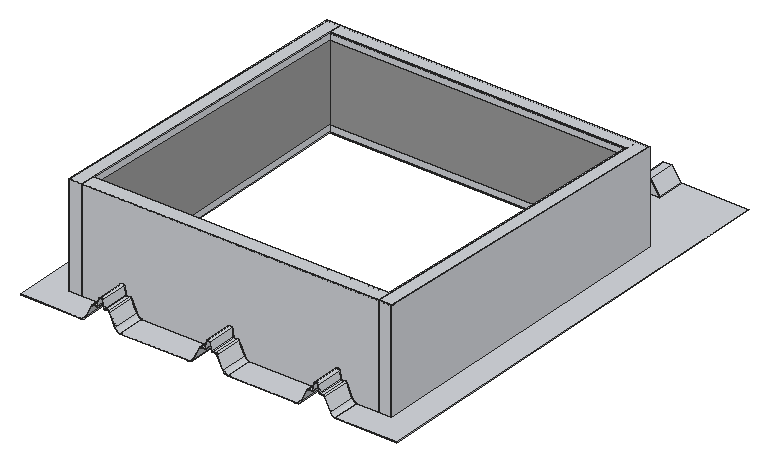
Revit family "UMB-5", category Mechanical Equipment, Revit 2015
Parameters
  URL = "https://unitedenertech.com/catalog/pdf/M_29%20UMB-5.pdf"
  Type Comments = "Consult Factory for Max. Sizes"
  Roof Slope (Degrees) = 2.00°
  Rib Spacing = 1' - 0"
  Rib Number [instance] = ((A Side O.D. + 0' 6") / 2) / Rib Spacing  # 2
  Model = "UMB-5"
  Manufacturer = "United Enertech Corporation"
  Keynote = "Shown with Standard Rib Closures, Consult Factory for Custom Option Models."
  Height = 0' - 10"
  Description = "Metal Building Roof Curb"
  B Side O.D. = 3' - 0"
  A Side O.D. = 3' - 0"
Reference planes (in)
  plane 1 "Center (Front/Back)": y = 0
  plane 2: z = 0
  plane 3 "Center (Left/Right)": x = 0
  plane 4: y = -18
  plane 5: y = -36
  plane 6: y = -34.5
  plane 7: y = -1.5
  plane 8: y = -0.0478
  plane 9: y = -1.4522
  plane 10: y = -35.9522
  plane 11: y = -34.5478
  plane 12: y = -39
  plane 13: y = 5
  plane 14: y = 10
  plane 15: x = -18
  plane 16: x = 18
  plane 17: x = -16.5
  plane 18: x = 16.5
  plane 19: x = -17.9522
  plane 20: x = -16.5478
  plane 21: x = 17.9522
  plane 22: x = 16.5478
  plane 23: x = -21
  plane 24: x = 21
  plane 25: z = 10
  plane 26: z = 4
  plane 27: z = 0.0478
  plane 28: z = 0.7978
  plane 29: z = 9.9522
  plane 30: z = 9.2022
  plane 31: y = 10.5
  plane 32: y = 7
  plane 33: y = -39.5
Forms (in)
  Extrusion 1, solid
    sketch origin (0, 0, 0) x (0, 1, 0) y (0, 0, 1)
      loop
        line (10, 0.34921) -> (10, 0.39701) -> (-39, -1.31411) -> (-39, -1.36191) -> (10, 0.34921)
    from -21 to 21
  Extrusion 2, void
    sketch origin (0, 0, 0) x (1, 0, 0) y (0, 1, 0)
      loop
        line (-16.5, -34.5) -> (16.5, -34.5) -> (16.5, -1.5) -> (-16.5, -1.5) -> (-16.5, -34.5)
    from -4301.0808 to 6540.31748
  Extrusion 3, solid
    sketch origin (0, 0, 0) x (1, 0, 0) y (0, 1, 0)
      loop
        line (-18, -36) -> (18, -36) -> (18, 0) -> (-18, 0) -> (-18, -36)
      loop
        line (-16.5, -34.5) -> (16.5, -34.5) -> (16.5, -1.5) -> (-16.5, -1.5) -> (-16.5, -34.5)
    from 9.9522 to 10
  Extrusion 4, solid
    sketch origin (0, 0, 0) x (1, 0, 0) y (0, 1, 0)
      loop
        line (-16.5478, -34.5478) -> (16.5478, -34.5478) -> (16.5478, -1.4522) -> (-16.5478, -1.4522) -> (-16.5478, -34.5478)
      loop
        line (-16.5, -34.5) -> (16.5, -34.5) -> (16.5, -1.5) -> (-16.5, -1.5) -> (-16.5, -34.5)
    from 9.2022 to 9.9522
  Extrusion 5, solid
    sketch origin (0, 0, 0) x (0, 1, 0) y (0, 0, 1)
      loop
        line (-1.4522, -0.00291) -> (-1.4522, 0.74709) -> (-1.5, 0.74542) -> (-1.5, -0.00458) -> (-1.4522, -0.00291)
    from -16.5 to 16.5
  Extrusion 6, solid
    sketch origin (0, 0, 0) x (0, 1, 0) y (0, 0, 1)
      loop
        line (-34.5, -0.40697) -> (-34.5478, -0.40864) -> (-34.5478, -1.15864) -> (-34.5, -1.15697) -> (-34.5, -0.40697)
    from -16.5 to 16.5
  Extrusion 7, solid
    sketch origin (0, 0, 0) x (0, 1, 0) y (0, 0, 1)
      loop
        line (-1.4522, 0.74709) -> (-34.5478, -0.40864) -> (-34.5478, -1.15864) -> (-1.4522, -0.00291) -> (-1.4522, 0.74709)
    from -16.5478 to -16.5
  Extrusion 8, solid
    sketch origin (0, 0, 0) x (0, 1, 0) y (0, 0, 1)
      loop
        line (-1.4522, 0.74709) -> (-34.5478, -0.40864) -> (-34.5478, -1.15864) -> (-1.4522, -0.00291) -> (-1.4522, 0.74709)
    from 16.5478 to 16.5
  Extrusion 9, solid
    sketch origin (0, 0, 0) x (0, 1, 0) y (0, 0, 1)
      loop
        line (0, 0.0478) -> (0, 9.9522) -> (-0.0478, 9.9522) -> (-0.0478, 0.04613) -> (0, 0.0478)
    from -17.9522 to 17.9522
  Extrusion 10, solid
    sketch origin (0, 0, 0) x (0, 1, 0) y (0, 0, 1)
      loop
        line (-35.9522, 9.9522) -> (-36, 9.9522) -> (-36, -1.20935) -> (-35.9522, -1.20768) -> (-35.9522, 9.9522)
    from -17.9522 to 17.9522
  Extrusion 11, solid, material "Rigid insulation"
    sketch origin (0, 0, 0) x (0, 1, 0) y (0, 0, 1)
      loop
        line (-0.0478, 9.9522) -> (-1.4522, 9.9522) -> (-1.4522, -0.00291) -> (-0.0478, 0.04613) -> (-0.0478, 9.9522)
    from -16.5478 to 16.5478
  Extrusion 12, solid, material "Rigid insulation"
    sketch origin (0, 0, 0) x (0, 1, 0) y (0, 0, 1)
      loop
        line (-34.5478, -1.15864) -> (-34.5478, 9.9522) -> (-35.9522, 9.9522) -> (-35.9522, -1.20768) -> (-34.5478, -1.15864)
    from -16.5478 to 16.5478
  Extrusion 13, solid
    sketch origin (0, 0, 0) x (0, 1, 0) y (0, 0, 1)
      loop
        line (0, 9.9522) -> (-36, 9.9522) -> (-36, -1.20935) -> (0, 0.0478) -> (0, 9.9522)
    from 18 to 17.9522
  Extrusion 14, solid, material "Rigid insulation"
    sketch origin (0, 0, 0) x (0, 1, 0) y (0, 0, 1)
      loop
        line (-0.0478, 9.9522) -> (-35.9522, 9.9522) -> (-35.9522, -1.20768) -> (-0.0478, 0.04613) -> (-0.0478, 9.9522)
    from 17.9522 to 16.5478
  Extrusion 15, solid, material "Rigid insulation"
    sketch origin (0, 0, 0) x (0, 1, 0) y (0, 0, 1)
      loop
        line (-0.0478, 0.04613) -> (-0.0478, 9.9522) -> (-35.9522, 9.9522) -> (-35.9522, -1.20768) -> (-0.0478, 0.04613)
    from -17.9522 to -16.5478
  Extrusion 16, solid
    sketch origin (0, 0, 0) x (0, 1, 0) y (0, 0, 1)
      loop
        line (0, 9.9522) -> (-36, 9.9522) -> (-36, -1.20935) -> (0, 0.0478) -> (0, 9.9522)
    from -18 to -17.9522
  Blend 17, solid
    base sketch origin (0, 0, 0) x (1, 0, 0) y (0, 1, 0)
      loop
        line (-18, 0) -> (18, 0) -> (0, 5) -> (-18, 0)
    top sketch origin (0, 0, 0) x (1, 0, 0) y (0, 1, 0)
      loop
        line (0, 0) -> (0.125, 0) -> (0, 0.03349) -> (-0.125, 0) -> (0, 0)
    from 0 to 4
  Extrusion 18, void
    sketch origin (0, 0, 0) x (0, 1, 0) y (0, 0, 1)
      loop
        line (10, 0.39701) -> (-1.4522, -0.00291) -> (-1.4522, -21.49964) -> (10, -21.49964) -> (10, 0.39701)
    from -21 to 21
  Extrusion 19, void
    sketch origin (0, 24, 0) x (1, 0, 0) y (0, 1, 0)
      loop
        line (-2.125, -60) -> (-2.125, -63.5) -> (2.125, -63.5) -> (2.125, -60) -> (-2.125, -60)
    from -350.30684 to 32.75466
  Extrusion 20, void
    sketch origin (12, 24, 0) x (1, 0, 0) y (0, 1, 0)
      loop
        line (-2.125, -60) -> (-2.125, -63.5) -> (2.125, -63.5) -> (2.125, -60) -> (-2.125, -60)
    from -350.30684 to 32.75466
  Extrusion 21, void
    sketch origin (-12, 24, 0) x (1, 0, 0) y (0, 1, 0)
      loop
        line (-2.125, -60) -> (-2.125, -63.5) -> (2.125, -63.5) -> (2.125, -60) -> (-2.125, -60)
    from -350.30684 to 32.75466
  Extrusion 22, void
    sketch origin (0, 0, 0) x (1, 0, 0) y (0, 1, 0)
      loop
        line (-1.5, 7) -> (1.5, 7) -> (1.5, 10.5) -> (-1.5, 10.5) -> (-1.5, 7)
    from -122.52188 to 62.44478
  Extrusion 23, void
    sketch origin (12, 0, 0) x (1, 0, 0) y (0, 1, 0)
      loop
        line (-1.5, 7) -> (1.5, 7) -> (1.5, 10.5) -> (-1.5, 10.5) -> (-1.5, 7)
    from -122.52188 to 62.44478
  Extrusion 24, void
    sketch origin (-12, 0, 0) x (1, 0, 0) y (0, 1, 0)
      loop
        line (-1.5, 7) -> (1.5, 7) -> (1.5, 10.5) -> (-1.5, 10.5) -> (-1.5, 7)
    from -122.52188 to 62.44478
Cuts and joins
  Extrusion 2, Extrusion 19, Extrusion 20, Extrusion 21, Extrusion 22, Extrusion 23, Extrusion 24 cuts Extrusion 1
  Extrusion 18 cuts Blend 17
Lines and regions (in)
  reference lines
    curve 1: line (0, 0, 0) -> (0, -128.92142, -4.50204)
    curve 2: line (0, 0, 0.0478) -> (0, -117.92812, -4.07034)
    curve 3: line (0, 0, 0.7978) -> (0, -117.17857, -3.29417)
Dimensions and locks (in)
  equal spacing: plane 1 "Center (Front/Back)", plane 4, plane 5
  "B Side O.D.": plane 1 "Center (Front/Back)" to plane 5
  locked: plane 1 "Center (Front/Back)" to plane 7 at 1.5
  locked: plane 5 to plane 6 at 1.5
  locked: plane 1 "Center (Front/Back)" to plane 8 at 0.0478
  locked: plane 9 to plane 7 at 0.0478
  locked: plane 6 to plane 11 at 0.0478
  locked: plane 10 to plane 5 at 0.0478
  locked: plane 1 "Center (Front/Back)" to plane 13 at 5
  locked: plane 1 "Center (Front/Back)" to plane 14 at 10
  equal spacing: plane 15, plane 3 "Center (Left/Right)", plane 16
  "A Side O.D.": plane 15 to plane 16
  locked: plane 15 to plane 17 at 1.5
  locked: plane 18 to plane 16 at 1.5
  locked: plane 15 to plane 19 at 0.0478
  locked: plane 20 to plane 17 at 0.0478
  locked: plane 18 to plane 22 at 0.0478
  locked: plane 21 to plane 16 at 0.0478
  locked: plane 23 to plane 15 at 3
  locked: plane 16 to plane 24 at 3
  locked: plane 26 to level at 4
  "Height": plane 25 to level
  locked: plane 27 to level at 0.0478
  locked: plane 28 to plane 27 at 0.75
  locked: plane 25 to plane 29 at 0.0478
  locked: plane 29 to plane 30 at 0.75
  locked: plane 5 to plane 12 at 3
  group 1 to group 2 = 1' - 0"
  group 1 to group 2 = 0' - 0"  (x2)
  "Rib Spacing": nested 1 to nested 2
  group 3 to group 1 = 1' - 0"
  group 1 to group 3 = 0' - 0"  (x2)
  "Rib Spacing": nested 3 to nested 1
  locked: plane 31 to plane 14 at 0.5
  locked: plane 32 to plane 14 at 3
  locked: plane 12 to plane 33 at 0.5
  group 4 to group 5 = 1' - 0"
  group 4 to group 5 = 0' - 0"  (x2)
  "Rib Spacing": Extrusion 19 to Extrusion 20
  group 6 to group 4 = 1' - 0"
  group 4 to group 6 = 0' - 0"  (x2)
  "Rib Spacing": Extrusion 21 to Extrusion 19
  group 7 to group 8 = 1' - 0"
  group 7 to group 8 = 0' - 0"  (x2)
  "Rib Spacing": nested 4 to nested 5
  group 9 to group 7 = 1' - 0"
  group 7 to group 9 = 0' - 0"  (x2)
  "Rib Spacing": nested 6 to nested 4
  group 10 to group 11 = 1' - 0"
  group 10 to group 11 = 0' - 0"  (x2)
  "Rib Spacing": Extrusion 22 to Extrusion 23
  group 12 to group 10 = 1' - 0"
  group 10 to group 12 = 0' - 0"  (x2)
  "Rib Spacing": Extrusion 24 to Extrusion 22
  "Roof Slope (Degrees)": angle curve 1 to level
  "Roof Slope (Degrees)": angle curve 2 to plane 27
  "Roof Slope (Degrees)": angle curve 3 to plane 28
  aligned and locked: level to plane 2
  aligned and locked: plane 1 "Center (Front/Back)" to curve 1
  aligned and locked: level to curve 1
  aligned and locked: plane 1 "Center (Front/Back)" to curve 2
  aligned and locked: plane 1 "Center (Front/Back)" to curve 3
  aligned and locked: plane 28 to curve 3
  aligned and locked: plane 27 to curve 2
  aligned and locked: Extrusion 1 sketch curve to plane 14
  aligned and locked: Extrusion 1 sketch curve to plane 12
  aligned and locked: Extrusion 1 sketch curve to curve 1
  aligned and locked: Extrusion 1 sketch curve to curve 2
  aligned and locked: Extrusion 1 to plane 23
  aligned and locked: Extrusion 1 to plane 24
  aligned and locked: Extrusion 2 sketch curve to plane 17
  aligned and locked: plane 7 to Extrusion 2 sketch curve
  aligned and locked: Extrusion 2 sketch curve to plane 18
  aligned and locked: plane 6 to Extrusion 2 sketch curve
  aligned and locked: Extrusion 3 sketch curve to plane 15
  aligned and locked: Extrusion 3 sketch curve to plane 1 "Center (Front/Back)"
  aligned and locked: Extrusion 3 sketch curve to plane 16
  aligned and locked: Extrusion 3 sketch curve to plane 5
  aligned and locked: plane 6 to Extrusion 3 sketch curve
  aligned and locked: Extrusion 3 sketch curve to plane 17
  aligned and locked: Extrusion 3 sketch curve to plane 18
  aligned and locked: plane 7 to Extrusion 3 sketch curve
  aligned and locked: plane 25 to Extrusion 3
  aligned and locked: Extrusion 3 to plane 29
  aligned and locked: plane 20 to Extrusion 4 sketch curve
  aligned and locked: Extrusion 4 sketch curve to plane 9
  aligned and locked: plane 22 to Extrusion 4 sketch curve
  aligned and locked: Extrusion 4 sketch curve to plane 11
  aligned and locked: plane 6 to Extrusion 4 sketch curve
  aligned and locked: Extrusion 4 sketch curve to plane 18
  aligned and locked: Extrusion 4 sketch curve to plane 17
  aligned and locked: plane 7 to Extrusion 4 sketch curve
  aligned and locked: plane 29 to Extrusion 4
  aligned and locked: Extrusion 4 to plane 30
  aligned and locked: curve 3 to Extrusion 5 sketch curve
  aligned and locked: cut or joined group 1 (Extrusion 1, Extrusion 2, Extrusion 19, Extrusion 20, Extrusion 21, Extrusion 22, Extrusion 23, Extrusion 24) to Extrusion 5 sketch curve
  aligned and locked: plane 9 to Extrusion 5 sketch curve
  aligned and locked: plane 7 to Extrusion 5 sketch curve
  aligned and locked: Extrusion 5 to plane 17
  aligned and locked: Extrusion 5 to plane 18
  aligned and locked: curve 3 to Extrusion 6 sketch curve
  aligned and locked: cut or joined group 1 to Extrusion 6 sketch curve
  aligned and locked: plane 11 to Extrusion 6 sketch curve
  aligned and locked: plane 6 to Extrusion 6 sketch curve
  aligned and locked: Extrusion 6 to plane 18
  aligned and locked: Extrusion 6 to plane 17
  aligned and locked: Extrusion 7 sketch curve to plane 9
  aligned and locked: Extrusion 7 sketch curve to curve 3
  aligned and locked: Extrusion 7 sketch curve to cut or joined group 1
  aligned and locked: plane 20 to Extrusion 7
  aligned and locked: plane 17 to Extrusion 7
  aligned and locked: Extrusion 7 sketch curve to plane 11
  aligned and locked: Extrusion 8 sketch curve to plane 9
  aligned and locked: Extrusion 8 sketch curve to curve 3
  aligned and locked: curve 2 to Extrusion 8 sketch curve
  aligned and locked: Extrusion 8 sketch curve to plane 11
  aligned and locked: plane 22 to Extrusion 8
  aligned and locked: plane 18 to Extrusion 8
  aligned and locked: Extrusion 9 sketch curve to plane 29
  aligned and locked: plane 1 "Center (Front/Back)" to Extrusion 9 sketch curve
  aligned and locked: Extrusion 9 sketch curve to curve 2
  aligned and locked: plane 8 to Extrusion 9 sketch curve
  aligned and locked: Extrusion 9 to plane 19
  aligned and locked: Extrusion 9 to plane 21
  aligned and locked: plane 29 to Extrusion 10 sketch curve
  aligned and locked: Extrusion 10 sketch curve to plane 5
  aligned and locked: Extrusion 10 sketch curve to cut or joined group 1
  aligned and locked: Extrusion 10 sketch curve to plane 10
  aligned and locked: Extrusion 10 to plane 21
  aligned and locked: Extrusion 10 to plane 19
  aligned and locked: plane 29 to Extrusion 11 sketch curve
  aligned and locked: plane 8 to Extrusion 11 sketch curve
  aligned and locked: plane 9 to Extrusion 11 sketch curve
  aligned and locked: Extrusion 11 sketch curve to cut or joined group 1
  aligned and locked: plane 20 to Extrusion 11
  aligned and locked: plane 22 to Extrusion 11
  aligned and locked: Extrusion 12 sketch curve to plane 29
  aligned and locked: Extrusion 12 sketch curve to plane 10
  aligned and locked: Extrusion 12 sketch curve to plane 11
  aligned and locked: cut or joined group 1 to Extrusion 12 sketch curve
  aligned and locked: plane 20 to Extrusion 12
  aligned and locked: plane 22 to Extrusion 12
  aligned and locked: plane 29 to Extrusion 13 sketch curve
  aligned and locked: Extrusion 13 sketch curve to plane 1 "Center (Front/Back)"
  aligned and locked: Extrusion 13 sketch curve to plane 5
  aligned and locked: Extrusion 13 sketch curve to cut or joined group 1
  aligned and locked: Extrusion 13 to plane 16
  aligned and locked: plane 21 to Extrusion 13
  aligned and locked: plane 29 to Extrusion 14 sketch curve
  aligned and locked: plane 8 to Extrusion 14 sketch curve
  aligned and locked: plane 10 to Extrusion 14 sketch curve
  aligned and locked: Extrusion 14 sketch curve to cut or joined group 1
  aligned and locked: Extrusion 14 to plane 21
  aligned and locked: Extrusion 14 to plane 22
  aligned and locked: Extrusion 15 sketch curve to plane 29
  aligned and locked: Extrusion 15 sketch curve to plane 8
  aligned and locked: Extrusion 15 sketch curve to plane 10
  aligned and locked: cut or joined group 1 to Extrusion 15 sketch curve
  aligned and locked: Extrusion 15 to plane 19
  aligned and locked: Extrusion 15 to plane 20
  aligned and locked: plane 29 to Extrusion 16 sketch curve
  aligned and locked: Extrusion 16 sketch curve to plane 1 "Center (Front/Back)"
  aligned and locked: Extrusion 16 sketch curve to plane 5
  aligned and locked: Extrusion 16 sketch curve to cut or joined group 1
  aligned and locked: plane 19 to Extrusion 16
  aligned and locked: Extrusion 16 to plane 15
  aligned and locked: Blend 17 sketch curve to plane 1 "Center (Front/Back)"
  aligned and locked: plane 15 to Blend 17 sketch curve
  aligned and locked: plane 13 to Blend 17 sketch curve
  aligned and locked: plane 3 "Center (Left/Right)" to Blend 17 sketch curve
  aligned and locked: plane 16 to Blend 17 sketch curve
  aligned and locked: plane 26 to Blend 17
  aligned and locked: Blend 17 to level
  aligned and locked: Extrusion 18 to plane 23
  aligned and locked: Extrusion 18 to plane 24
  aligned and locked: cut or joined group 1 to Extrusion 18 sketch curve
  aligned and locked: nested 1 to plane 3 "Center (Left/Right)"
  aligned and locked: plane 1 "Center (Front/Back)" to nested 1
  aligned and locked: Extrusion 19 to plane 33
  aligned and locked: Extrusion 19 to Extrusion 20
  aligned and locked: Extrusion 21 to Extrusion 19
  aligned and locked: nested 4 to plane 3 "Center (Left/Right)"
  aligned and locked: plane 1 "Center (Front/Back)" to nested 4
Automatic sketch dimensions
  Extrusion 19 sketch curve to Extrusion 19 sketch curve = 0' - 4 1/4"
  Extrusion 19 sketch curve to Extrusion 19 sketch curve = 0' - 3 1/2"
  Extrusion 20 sketch curve to Extrusion 20 sketch curve = 0' - 4 1/4"
  Extrusion 20 sketch curve to Extrusion 20 sketch curve = 0' - 3 1/2"
  Extrusion 21 sketch curve to Extrusion 21 sketch curve = 0' - 4 1/4"
  Extrusion 21 sketch curve to Extrusion 21 sketch curve = 0' - 3 1/2"
  plane 1 "Center (Front/Back)" to Blend 17 sketch curve = 0' - 0"
  Blend 17 sketch curve to plane 3 "Center (Left/Right)" = 0' - 0"  (x2)
  Blend 17 sketch curve to Blend 17 sketch curve = 0' - 0 1/8"
  plane 3 "Center (Left/Right)" to Blend 17 sketch curve = 0' - 0 1/8"
  Blend 17 sketch curve to Blend 17 sketch curve = 0' - 0.03349"
  Extrusion 18 sketch curve to plane 9 = 0' - 0"
  Extrusion 18 sketch curve to plane 14 = 0' - 0"
  Extrusion 18 sketch curve to Extrusion 18 sketch curve = 1' - 9.49673"
  Extrusion 22 sketch curve to Extrusion 22 sketch curve = 0' - 3"
  Extrusion 22 sketch curve to Extrusion 22 sketch curve = 0' - 3 1/2"
  Extrusion 23 sketch curve to Extrusion 23 sketch curve = 0' - 3"
  Extrusion 23 sketch curve to Extrusion 23 sketch curve = 0' - 3 1/2"
  Extrusion 24 sketch curve to Extrusion 24 sketch curve = 0' - 3"
  Extrusion 24 sketch curve to Extrusion 24 sketch curve = 0' - 3 1/2"
Nested families (in)
  nested 1: "Rib Closure Rear Cap" at (0, 0, 0), type "Rib Closure Rear Cap"
  nested 2: "Rib Closure Rear Cap" at (12, 0, 0), type "Rib Closure Rear Cap"
  nested 3: "Rib Closure Rear Cap" at (-12, 0, 0), type "Rib Closure Rear Cap"
  nested 4: "Rib Closure Front Plug" at (0, 0, 0), type "Rib Closure Front Plug"
  nested 5: "Rib Closure Front Plug" at (12, 0, 0), type "Rib Closure Front Plug"
  nested 6: "Rib Closure Front Plug" at (-12, 0, 0), type "Rib Closure Front Plug"
Definition of nested family "Rib Closure Rear Cap"
  Parameters (values of type "Rib Closure Rear Cap")
    RS = 2.00°
    O.D. = 3' - 0"
  Reference planes (in)
    plane 1 "Center (Front/Back)": y = 0
    plane 2: z = 0
    plane 3 "Center (Left/Right)": x = 0
    plane 4: y = -36
    plane 5: y = -39
    plane 6: y = -36.0478
  Forms (in)
    Sweep 1, solid
      path in 3D
        loop
          line (0, 5.2468, 0.18322) -> (0, -360.53024, -12.58999)
      profile origin (0, -177.64172, -6.20339) x (0, 0.034899, -0.999391) y (1, 0, 0)
        loop
          arc (0, -2.125) -> (-0.16235, -1.79464) -> (-0.46336, -1.58277) r 0.74289
          line (-0.46336, -1.58277) -> (-1.73114, -0.97225)
          arc (-1.73114, -0.97225) -> (-1.79322, -0.92124) -> (-1.81653, -0.84435) r 0.13848
          line (-1.81653, -0.84435) -> (-1.81653, -0.45935)
          arc (-1.81653, -0.45935) -> (-1.83926, -0.38435) -> (-1.89981, -0.3346) r 0.13508
          line (-1.89981, -0.3346) -> (-2.69369, -0.2019)
          arc (-2.69369, -0.2019) -> (-2.80673, 0) -> (-2.69369, 0.2019) r 0.23684
          line (-2.69369, 0.2019) -> (-1.89981, 0.3346)
          arc (-1.89981, 0.3346) -> (-1.83926, 0.38435) -> (-1.81653, 0.45935) r 0.13508
          line (-1.81653, 0.45935) -> (-1.81653, 0.84435)
          arc (-1.81653, 0.84435) -> (-1.79322, 0.92124) -> (-1.73114, 0.97225) r 0.13848
          line (-1.73114, 0.97225) -> (-0.46336, 1.58277)
          arc (-0.46336, 1.58277) -> (-0.16439, 1.79638) -> (0, 2.125) r 0.76265
          line (0, 2.125) -> (-0.0478, 2.125)
          arc (-0.0478, 2.125) -> (-0.20409, 1.82124) -> (-0.4837, 1.625) r 0.71325
          line (-0.4837, 1.625) -> (-1.7504, 1.015)
          arc (-1.7504, 1.015) -> (-1.83259, 0.94669) -> (-1.8634, 0.84435) r 0.18536
          line (-1.8634, 0.84435) -> (-1.8634, 0.45935)
          arc (-1.8634, 0.45935) -> (-1.87694, 0.41239) -> (-1.9134, 0.37985) r 0.0882
          line (-1.9134, 0.37985) -> (-2.71, 0.2467)
          arc (-2.71, 0.2467) -> (-2.8536, 0) -> (-2.71, -0.2467) r 0.28371
          line (-2.71, -0.2467) -> (-1.9134, -0.37985)
          arc (-1.9134, -0.37985) -> (-1.87694, -0.41239) -> (-1.8634, -0.45935) r 0.0882
          line (-1.8634, -0.45935) -> (-1.8634, -0.84435)
          arc (-1.8634, -0.84435) -> (-1.83259, -0.94669) -> (-1.7504, -1.015) r 0.18536
          line (-1.7504, -1.015) -> (-0.4837, -1.625)
          arc (-0.4837, -1.625) -> (-0.20409, -1.82124) -> (-0.0478, -2.125) r 0.71325
          line (-0.0478, -2.125) -> (0, -2.125)
    Sweep 2, solid
      path in 3D
        loop
          line (0, 5.99634, 0.2094) -> (0, -262.83979, -9.17857)
      profile origin (0, -128.42172, -4.48459) x (0, 0.034899, -0.999391) y (1, 0, 0)
        loop
          line (0, -2.125) -> (0, 2.125) -> (-0.0478, 2.125)
          arc (-0.0478, 2.125) -> (-0.20409, 1.82124) -> (-0.4837, 1.625) r 0.71325
          line (-0.4837, 1.625) -> (-1.7504, 1.015)
          arc (-1.7504, 1.015) -> (-1.83259, 0.94669) -> (-1.8634, 0.84435) r 0.18536
          line (-1.8634, 0.84435) -> (-1.8634, 0.45935)
          arc (-1.8634, 0.45935) -> (-1.87694, 0.41239) -> (-1.9134, 0.37985) r 0.0882
          line (-1.9134, 0.37985) -> (-2.71, 0.2467)
          arc (-2.71, 0.2467) -> (-2.8536, 0) -> (-2.71, -0.2467) r 0.28371
          line (-2.71, -0.2467) -> (-1.9134, -0.37985)
          arc (-1.9134, -0.37985) -> (-1.87694, -0.41239) -> (-1.8634, -0.45935) r 0.0882
          line (-1.8634, -0.45935) -> (-1.8634, -0.84435)
          arc (-1.8634, -0.84435) -> (-1.83259, -0.94669) -> (-1.7504, -1.015) r 0.18536
          line (-1.7504, -1.015) -> (-0.4837, -1.625)
          arc (-0.4837, -1.625) -> (-0.20409, -1.82124) -> (-0.0478, -2.125) r 0.71325
          line (-0.0478, -2.125) -> (0, -2.125)
    Extrusion 3, void
      sketch origin (0, 0, 0) x (0, 1, 0) y (0, 0, 1)
        loop
          line (271.36642, -241.38456) -> (271.36642, 322.61544) -> (-36, 322.61544) -> (-36, -241.38456) -> (271.36642, -241.38456)
      from -133.9578 to 137.31116
    Extrusion 4, void
      sketch origin (0, 0, 0) x (0, 1, 0) y (0, 0, 1)
        loop
          line (-634.81921, -306.21309) -> (-36.0478, -306.21309) -> (-36.0478, 251.78691) -> (-634.81921, 251.78691) -> (-634.81921, -306.21309)
      from -92.92801 to 53.04338
    Extrusion 5, void
      sketch origin (0, 0, 0) x (0, 1, 0) y (0, 0, 1)
        loop
          line (317.194, -311.4802) -> (317.194, 378.5198) -> (-36.0478, 378.5198) -> (-36.0478, -311.4802) -> (317.194, -311.4802)
      from -360.59787 to 353.84982
    Extrusion 6, void
      sketch origin (0, 0, 0) x (0, 1, 0) y (0, 0, 1)
        loop
          line (-489.61444, -195.78845) -> (-39, -195.78845) -> (-39, 482.21155) -> (-489.61444, 482.21155) -> (-489.61444, -195.78845)
      from -367.79993 to 634.35506
  Cuts and joins
    Extrusion 3, Extrusion 4 cuts Sweep 2
    Extrusion 5, Extrusion 6 cuts Sweep 1
  Lines and regions (in)
    reference lines
      curve 1: line (0, 0, 0) -> (0, -110.93238, -3.87384)
    sketch lines
      curve 2: line (0, 5.2468, 0.18322) -> (0, -360.53024, -12.58999)
      curve 3: line (0, 5.99634, 0.2094) -> (0, -262.83979, -9.17857)
  Dimensions and locks (in)
    "O.D.": plane 1 "Center (Front/Back)" to plane 4
    locked: plane 4 to plane 6 at 0.0478
    locked: plane 6 to plane 5 at 2.9522
    "RS": angle curve 1 to level
    aligned and locked: level to plane 2
    aligned and locked: plane 1 "Center (Front/Back)" to curve 1
    aligned and locked: level to curve 1
  Automatic sketch dimensions
    Sweep 1 sketch curve to Sweep 1 sketch curve = 0' - 0"  (x10)
    Sweep 1 sketch curve to profile plane = 0' - 0"  (x3)
    Sweep 1 sketch curve to Sweep 1 sketch curve = 0' - 0.0478"  (x2)
    profile plane to Sweep 1 sketch curve = 0' - 0.46336"  (x2)
    Sweep 1 sketch curve to Sweep 1 sketch curve = 0' - 0.02034"  (x2)
    Sweep 1 sketch curve to Sweep 1 sketch curve = 0' - 0.67932"
    Sweep 1 sketch curve to Sweep 1 sketch curve = 0' - 0.01459"
    Sweep 1 sketch curve to Sweep 1 sketch curve = 0' - 0.69391"
    Sweep 1 sketch curve to Sweep 1 sketch curve = 0' - 0.00247"
    Sweep 1 sketch curve to Sweep 1 sketch curve = 0' - 1.21468"  (x2)
    Sweep 1 sketch curve to Sweep 1 sketch curve = 0' - 0.0531"  (x2)
    profile plane to Sweep 1 sketch curve = 0' - 1.015"
    Sweep 1 sketch curve to Sweep 1 sketch curve = 0' - 0.01926"  (x2)
    Sweep 1 sketch curve to profile plane = 0' - 1.015"
    Sweep 1 sketch curve to Sweep 1 sketch curve = 0' - 0.13848"  (x2)
    Sweep 1 sketch curve to Sweep 1 sketch curve = 0' - 0 3/64"  (x2)
    Sweep 1 sketch curve to profile plane = 0' - 0.3346"
    Sweep 1 sketch curve to Sweep 1 sketch curve = 0' - 0.03641"  (x2)
    profile plane to Sweep 1 sketch curve = 0' - 0.3346"
    Sweep 1 sketch curve to profile plane = 0' - 0.37985"
    Sweep 1 sketch curve to Sweep 1 sketch curve = 0' - 0.01359"  (x2)
    profile plane to Sweep 1 sketch curve = 0' - 0.37985"
    Sweep 1 sketch curve to Sweep 1 sketch curve = 0' - 0.67008"
    Sweep 1 sketch curve to profile plane = 0' - 0.2019"
    Sweep 1 sketch curve to Sweep 1 sketch curve = 0' - 0.1238"
    profile plane to Sweep 1 sketch curve = 0' - 0.2019"
    Sweep 1 sketch curve to profile plane = 0' - 0.2467"
    Sweep 1 sketch curve to Sweep 1 sketch curve = 0' - 0.01631"
    profile plane to Sweep 1 sketch curve = 0' - 0.2467"
    Sweep 1 sketch curve to Sweep 1 sketch curve = 0' - 0.56777"  (x2)
    Sweep 1 sketch curve to Sweep 1 sketch curve = 0' - 0.04223"  (x2)
    Sweep 1 sketch curve to Sweep 1 sketch curve = 0' - 0 1/2"  (x2)
    Sweep 2 sketch curve to profile plane = 0' - 0"  (x2)
    Sweep 2 sketch curve to Sweep 2 sketch curve = 0' - 0.0478"  (x2)
    profile plane to Sweep 2 sketch curve = 0' - 0.4837"  (x2)
    Sweep 2 sketch curve to Sweep 2 sketch curve = 0' - 0.69391"  (x2)
    Sweep 2 sketch curve to Sweep 2 sketch curve = 0' - 1.19434"  (x2)
    profile plane to Sweep 2 sketch curve = 0' - 1.015"
    Sweep 2 sketch curve to Sweep 2 sketch curve = 0' - 0.07236"  (x2)
    Sweep 2 sketch curve to profile plane = 0' - 1.015"
    Sweep 2 sketch curve to Sweep 2 sketch curve = 0' - 0.18536"  (x2)
    profile plane to Sweep 2 sketch curve = 0' - 0.37985"
    Sweep 2 sketch curve to Sweep 2 sketch curve = 0' - 0.05"  (x2)
    Sweep 2 sketch curve to profile plane = 0' - 0.37985"
    Sweep 2 sketch curve to Sweep 2 sketch curve = 0' - 0.0382"  (x2)
    Sweep 2 sketch curve to Sweep 2 sketch curve = 0' - 0.65649"
    Sweep 2 sketch curve to profile plane = 0' - 0.2467"
    Sweep 2 sketch curve to Sweep 2 sketch curve = 0' - 0.14011"
    profile plane to Sweep 2 sketch curve = 0' - 0.2467"
    Sweep 2 sketch curve to Sweep 2 sketch curve = 0' - 0.61"  (x2)
    Sweep 2 sketch curve to Sweep 2 sketch curve = 0' - 0 1/2"  (x2)
    Extrusion 3 sketch curve to plane 4 = 0' - 0"
    Extrusion 3 sketch curve to plane 1 "Center (Front/Back)" = 22' - 7.36642"
    Extrusion 3 sketch curve to level = 20' - 1.38456"
    level to Extrusion 3 sketch curve = 26' - 10.61544"
    Extrusion 4 sketch curve to plane 6 = 0' - 0"
    Extrusion 4 sketch curve to plane 5 = 49' - 7.81921"
    Extrusion 4 sketch curve to level = 25' - 6.21309"
    level to Extrusion 4 sketch curve = 20' - 11.78691"
    Extrusion 5 sketch curve to plane 6 = 0' - 0"
    Extrusion 5 sketch curve to plane 1 "Center (Front/Back)" = 26' - 5.194"
    Extrusion 5 sketch curve to level = 25' - 11.4802"
    level to Extrusion 5 sketch curve = 31' - 6.5198"
    Extrusion 6 sketch curve to plane 5 = 0' - 0"
    Extrusion 6 sketch curve to plane 5 = 37' - 6.61444"
    Extrusion 6 sketch curve to level = 16' - 3.78845"
    level to Extrusion 6 sketch curve = 40' - 2.21155"
Definition of nested family "Rib Closure Front Plug"
  Parameters (values of type "Rib Closure Front Plug")
    RS = 2.00°
  Reference planes (in)
    plane 1 "Center (Front/Back)": y = 0
    plane 2: z = 0
    plane 3 "Center (Left/Right)": x = 0
    plane 4: y = 7
    plane 5: y = 10
    plane 6: y = 7.0478
  Forms (in)
    Sweep 1, solid
      path in 3D
        loop
          line (0, 79.20172, 2.76579) -> (0, -59.7136, -2.08524)
      profile origin (0, 9.74406, 0.34027) x (0, 0.034899, -0.999391) y (1, 0, 0)
        loop
          line (0, -1.5) -> (-1.45313, -0.49936) -> (-1.45313, 0.49936) -> (0, 1.5) -> (-0.0478, 1.5) -> (-1.5, 0.5) -> (-1.5, -0.5) -> (-0.0478, -1.5) -> (0, -1.5)
    Sweep 2, solid
      path in 3D
        loop
          line (0, 83.94883, 2.93156) -> (0, -110.93238, -3.87384)
      profile origin (0, -13.49178, -0.47114) x (0, 0.034899, -0.999391) y (1, 0, 0)
        loop
          line (0, -1.5) -> (0, 1.5) -> (-0.0478, 1.5) -> (-1.5, 0.5) -> (-1.5, 0) -> (-1.5, -0.5) -> (-0.0478, -1.5) -> (0, -1.5)
    Extrusion 3, void
      sketch origin (0, 0, 0) x (0, 1, 0) y (0, 0, 1)
        loop
          line (514.00759, -423.42821) -> (514.00759, 422.57179) -> (10, 422.57179) -> (10, -423.42821) -> (514.00759, -423.42821)
      from -229.40576 to 223.1151
    Extrusion 4, void
      sketch origin (0, 0, 0) x (0, 1, 0) y (0, 0, 1)
        loop
          line (-548.5717, -406.84863) -> (7.0478, -406.84863) -> (7.0478, 313.15137) -> (-548.5717, 313.15137) -> (-548.5717, -406.84863)
      from -226.41961 to 140.11494
    Extrusion 5, void
      sketch origin (0, 0, 0) x (0, 1, 0) y (0, 0, 1)
        loop
          line (621.99028, -418.93219) -> (621.99028, 409.06781) -> (7.0478, 409.06781) -> (7.0478, -418.93219) -> (621.99028, -418.93219)
      from -191.47615 to 154.9845
    Extrusion 6, void
      sketch origin (0, 0, 0) x (0, 1, 0) y (0, 0, 1)
        loop
          line (-278.50799, -169.94597) -> (7, -169.94597) -> (7, 154.05403) -> (-278.50799, 154.05403) -> (-278.50799, -169.94597)
      from -176.6066 to 181.00622
  Cuts and joins
    Extrusion 3, Extrusion 4 cuts Sweep 1
    Extrusion 5, Extrusion 6 cuts Sweep 2
  Lines and regions (in)
    reference lines
      curve 1: line (0, 0, 0) -> (0, -110.93238, -3.87384)
    sketch lines
      curve 2: line (0, 79.20172, 2.76579) -> (0, -59.7136, -2.08524)
      curve 3: line (0, 83.94883, 2.93156) -> (0, -110.93238, -3.87384)
  Dimensions and locks (in)
    locked: plane 4 to plane 1 "Center (Front/Back)" at 7
    locked: plane 6 to plane 4 at 0.0478
    locked: plane 5 to plane 6 at 2.9522
    "RS": angle curve 1 to level
    aligned and locked: level to plane 2
    aligned and locked: plane 1 "Center (Front/Back)" to curve 1
    aligned and locked: level to curve 1
  Automatic sketch dimensions
    Extrusion 3 sketch curve to plane 5 = 0' - 0"
    Extrusion 3 sketch curve to Extrusion 3 sketch curve = 42' - 0.00759"
    Extrusion 3 sketch curve to level = 35' - 3.42821"
    level to Extrusion 3 sketch curve = 35' - 2.57179"
    Extrusion 4 sketch curve to plane 6 = 0' - 0"
    plane 1 "Center (Front/Back)" to Extrusion 4 sketch curve = 45' - 8.5717"
    Extrusion 4 sketch curve to level = 33' - 10.84863"
    level to Extrusion 4 sketch curve = 26' - 1.15137"
    Extrusion 5 sketch curve to plane 6 = 0' - 0"
    Extrusion 5 sketch curve to plane 5 = 50' - 11.99028"
    Extrusion 5 sketch curve to level = 34' - 10.93219"
    level to Extrusion 5 sketch curve = 34' - 1.06781"
    Extrusion 6 sketch curve to plane 4 = 0' - 0"
    plane 1 "Center (Front/Back)" to Extrusion 6 sketch curve = 23' - 2.50799"
    Extrusion 6 sketch curve to level = 14' - 1.94597"
    level to Extrusion 6 sketch curve = 12' - 10.05403"
    Sweep 1 sketch curve to profile plane = 0' - 0"  (x2)
    Sweep 1 sketch curve to Sweep 1 sketch curve = 0' - 0.0478"  (x2)
    profile plane to Sweep 1 sketch curve = 0' - 1 1/2"  (x2)
    Sweep 1 sketch curve to profile plane = 0' - 0 1/2"
    Sweep 1 sketch curve to profile plane = 0' - 1 1/2"
    Sweep 1 sketch curve to profile plane = 0' - 0.49936"
    profile plane to Sweep 1 sketch curve = 0' - 0.49936"
    Sweep 1 sketch curve to Sweep 1 sketch curve = 0' - 0 3/64"
    Sweep 1 sketch curve to Sweep 1 sketch curve = 0' - 0.00064"
    Sweep 2 sketch curve to profile plane = 0' - 0"  (x2)
    Sweep 2 sketch curve to Sweep 2 sketch curve = 0' - 0.0478"  (x2)
    Sweep 2 sketch curve to profile plane = 0' - 0 1/2"
    profile plane to Sweep 2 sketch curve = 0' - 1 1/2"  (x2)
    Sweep 2 sketch curve to profile plane = 0' - 1 1/2"
    profile plane to Sweep 2 sketch curve = 0' - 0 1/2"
